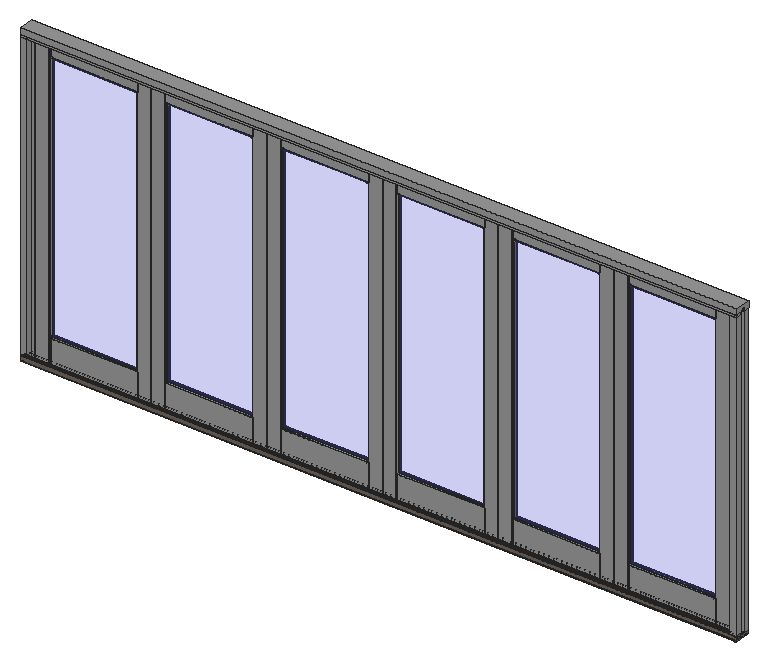
Revit family "VSFA 5040 G1", category Doors, host Wall, Revit 2015
Parameters (values of type "VSFA 5040 G1")
  Function = Interior
  Frame Projection Ext. = 25 mm
  Frame Projection Int. = 25 mm
  Frame Width = 75 mm
  Height = 2100 mm
  Wall Closure = By host
  Width = 5040 mm
Reference planes
  plane 1: y = 0
  plane 2 "Center (Left/Right)": x = 0
  plane 3 "Left": x = -2520
  plane 4 "Right": x = 2520
  plane 5: z = 2100
  plane 6 "Exterior": y = 75
  plane 7 "Interior": y = -75
  plane 8: x = -1630
  plane 9: x = -1628
  plane 10: x = -815
  plane 11: x = -813
  plane 12: x = 1630
  plane 13: x = 1628
  plane 14: x = 815
  plane 15: x = 813
Forms (mm)
  Extrusion 1, solid, material "Aluminium Cill (Bronze)"
    sketch origin (0, 79.18, -119.746) x (0, 1, 0) y (0, 0, -1)
      loop
        arc (-26.68, -120.746) -> (-26.972, -120.039) -> (-27.68, -119.746) r 1
        line (-27.68, -119.746) -> (-130.68, -119.746)
        arc (-130.68, -119.746) -> (-131.387, -120.039) -> (-131.68, -120.746) r 1
        line (-131.68, -120.746) -> (-131.68, -150.746)
        arc (-131.68, -150.746) -> (-131.387, -151.453) -> (-130.68, -151.746) r 1
        line (-130.68, -151.746) -> (-120.912, -151.746)
        arc (-120.912, -151.746) -> (-119.18, -150.746) -> (-117.447, -151.746) r 2
        line (-117.447, -151.746) -> (-112.912, -151.746)
        arc (-112.912, -151.746) -> (-111.18, -150.746) -> (-109.447, -151.746) r 2
        line (-109.447, -151.746) -> (-99.68, -151.746)
        arc (-99.68, -151.746) -> (-98.972, -151.453) -> (-98.68, -150.746) r 1
        line (-98.68, -150.746) -> (-98.68, -149.246)
        arc (-98.68, -149.246) -> (-99.18, -148.746) -> (-99.68, -149.246) r 0.5
        line (-99.68, -149.246) -> (-99.68, -150.246) -> (-100.88, -150.246) -> (-100.88, -142.734) -> (-99.68, -142.734) -> (-99.68, -143.746)
        arc (-99.68, -143.746) -> (-99.18, -144.246) -> (-98.68, -143.746) r 0.5
        line (-98.68, -143.746) -> (-98.68, -138.746) -> (-90.432, -138.746) -> (-82.18, -138.746) -> (-82.18, -135.246)
        arc (-82.18, -135.246) -> (-81.74, -134.185) -> (-80.68, -133.746) r 1.5
        line (-80.68, -133.746) -> (-75.93, -133.746) -> (-75.93, -135.746) -> (-77.363, -135.746)
        arc (-77.363, -135.746) -> (-74.68, -138.746) -> (-71.996, -135.746) r 2.7
        line (-71.996, -135.746) -> (-73.43, -135.746) -> (-73.43, -133.746) -> (-68.68, -133.746)
        arc (-68.68, -133.746) -> (-67.619, -134.185) -> (-67.18, -135.246) r 1.5
        line (-67.18, -135.246) -> (-67.18, -138.746) -> (-60.412, -138.746)
        arc (-60.412, -138.746) -> (-58.68, -137.746) -> (-56.947, -138.746) r 2
        line (-56.947, -138.746) -> (-52.412, -138.746)
        arc (-52.412, -138.746) -> (-50.68, -137.746) -> (-48.947, -138.746) r 2
        line (-48.947, -138.746) -> (-44.412, -138.746)
        arc (-44.412, -138.746) -> (-42.68, -137.746) -> (-40.947, -138.746) r 2
        line (-40.947, -138.746) -> (-29.68, -138.746)
        arc (-29.68, -138.746) -> (-27.558, -137.867) -> (-26.68, -135.746) r 3
        line (-26.68, -135.746) -> (-26.68, -120.746)
      loop
        arc (-29.68, -137.246) -> (-28.619, -136.807) -> (-28.18, -135.746) r 1.5
        line (-28.18, -135.746) -> (-28.18, -121.246) -> (-73.93, -121.246) -> (-73.93, -132.246) -> (-68.68, -132.246)
        arc (-68.68, -132.246) -> (-66.558, -133.125) -> (-65.68, -135.246) r 3
        line (-65.68, -135.246) -> (-65.68, -137.246) -> (-61.129, -137.246)
        arc (-61.129, -137.246) -> (-58.68, -136.246) -> (-56.23, -137.246) r 3.5
        line (-56.23, -137.246) -> (-53.129, -137.246)
        arc (-53.129, -137.246) -> (-50.68, -136.246) -> (-48.23, -137.246) r 3.5
        line (-48.23, -137.246) -> (-45.129, -137.246)
        arc (-45.129, -137.246) -> (-42.68, -136.246) -> (-40.23, -137.246) r 3.5
        line (-40.23, -137.246) -> (-29.68, -137.246)
      loop
        line (-75.43, -132.246) -> (-75.43, -121.246) -> (-98.68, -121.246) -> (-98.68, -137.246) -> (-83.68, -137.246) -> (-83.68, -135.246)
        arc (-83.68, -135.246) -> (-82.801, -133.125) -> (-80.68, -132.246) r 3
        line (-80.68, -132.246) -> (-75.43, -132.246)
      loop
        line (-100.18, -121.246) -> (-130.18, -121.246) -> (-130.18, -150.246) -> (-121.629, -150.246)
        arc (-121.629, -150.246) -> (-119.18, -149.246) -> (-116.73, -150.246) r 3.5
        line (-116.73, -150.246) -> (-113.629, -150.246)
        arc (-113.629, -150.246) -> (-111.18, -149.246) -> (-108.73, -150.246) r 3.5
        line (-108.73, -150.246) -> (-102.38, -150.246) -> (-102.38, -141.246) -> (-100.18, -141.246) -> (-100.18, -121.246)
    from -2520 to 2520
  Extrusion 2, solid, material "Lauan, Meranti"
    sketch origin (-122.148, 0, 0) x (0, 1, 0) y (0, 0, 1)
      loop
        line (52.5, 2100) -> (-52.5, 2100) -> (-52.5, 2055) -> (-6.5, 2055) -> (-6.5, 2075) -> (15.5, 2075) -> (15.5, 2055) -> (52.5, 2055) -> (52.5, 2100)
    from -2397.852 to 2642.148
  Extrusion 3, solid, material "Lauan, Meranti"
    sketch origin (2.986, 0, 0) x (0, 1, 0) y (0, 0, 1)
      loop
        line (-52.5, 2052) -> (-52.5, 2042) -> (-20.5, 2042) -> (-20.5, 2045.5) -> (-27.5, 2045.5) -> (-27.5, 2048.5) -> (-20.5, 2048.5) -> (-20.5, 2055) -> (-49.5, 2055) -> (-49.5, 2052) -> (-52.5, 2052)
    from -2522.986 to 2517.014
  Extrusion 4, solid, material "Steel, Chrome Plated"
    sketch origin (129.456, -1.5, 0) x (0, 1, 0) y (0, 0, -1)
      loop
        line (16.5, -2075) -> (16.5, -2055) -> (14.3, -2055) -> (14.3, -2072.8) -> (-2.3, -2072.8) -> (-2.3, -2055) -> (-4.5, -2055) -> (-4.5, -2075) -> (16.5, -2075)
    from -2390.544 to 2649.456
  Extrusion 5, solid, material "Lauan, Meranti"
    sketch origin (4059.03, 0, -20) x (1, 0, 0) y (0, 1, 0)
      loop
        line (-4071.03, 34.5) -> (-4071.03, 32.5)
        arc (-4071.03, 32.5) -> (-4076.687, 30.157) -> (-4079.03, 24.5) r 8
        line (-4079.03, 24.5) -> (-4039.03, 24.5)
        arc (-4039.03, 24.5) -> (-4041.373, 30.157) -> (-4047.03, 32.5) r 8
        line (-4047.03, 32.5) -> (-4047.03, 34.5) -> (-4071.03, 34.5)
    from 39 to 2075
  Extrusion 6, solid, material "Lauan, Meranti"
    sketch origin (615, 0, 0) x (1, 0, 0) y (0, 1, 0)
      loop
        line (1905, -52.5) -> (1905, -16.5) -> (1860, -16.5) -> (1860, -52.5) -> (1905, -52.5)
      loop
        line (1905, 52.5) -> (1860, 52.5) -> (1860, 25.5) -> (1905, 25.5) -> (1905, 52.5)
      loop
        line (1830, 24.5) -> (1830, -15.5) -> (1875, -15.5) -> (1875, -5.5) -> (1850, -5.5) -> (1850, 14.5) -> (1875, 14.5) -> (1875, 24.5) -> (1830, 24.5)
      loop
        line (-3135, -52.5) -> (-3090, -52.5) -> (-3090, -16.5) -> (-3135, -16.5) -> (-3135, -52.5)
      loop
        line (-3135, 52.5) -> (-3135, 25.5) -> (-3090, 25.5) -> (-3090, 52.5) -> (-3135, 52.5)
      loop
        line (-3060, 24.5) -> (-3105, 24.5) -> (-3105, 14.5) -> (-3080, 14.5) -> (-3080, -5.5) -> (-3105, -5.5) -> (-3105, -15.5) -> (-3060, -15.5) -> (-3060, 24.5)
    from 32 to 2055
  Extrusion 7, solid, material "Lauan, Meranti"
    sketch origin (615, 0, 0) x (1, 0, 0) y (0, 1, 0)
      loop
        line (1860, 52.5) -> (1860, 25.5) -> (1905, 25.5) -> (1905, 52.5) -> (1860, 52.5)
      loop
        line (1875, 24.5) -> (1830, 24.5) -> (1830, -15.5) -> (1875, -15.5) -> (1875, -5.5) -> (1850, -5.5) -> (1850, 14.5) -> (1875, 14.5) -> (1875, 24.5)
      loop
        line (-3090, 52.5) -> (-3135, 52.5) -> (-3135, 25.5) -> (-3090, 25.5) -> (-3090, 52.5)
      loop
        line (-3105, 24.5) -> (-3105, 14.5) -> (-3080, 14.5) -> (-3080, -5.5) -> (-3105, -5.5) -> (-3105, -15.5) -> (-3060, -15.5) -> (-3060, 24.5) -> (-3105, 24.5)
    from 19 to 32
  Extrusion 8, solid, material "Lauan, Meranti"
    sketch origin (2763, 0, 0) x (1, 0, 0) y (0, 1, 0)
      loop
        line (-1133, -15.5) -> (-1037, -15.5) -> (-1037, -13.5)
        arc (-1037, -13.5) -> (-1032.265, -11.94) -> (-1030, -7.5) r 6.549
        line (-1030, -7.5) -> (-1028, -7.5) -> (-1028, -5.5) -> (-1037, -5.5) -> (-1037, 24.5) -> (-1133, 24.5) -> (-1133, -15.5)
      loop
        line (-320, -15.5) -> (-320, 24.5) -> (-416, 24.5) -> (-416, -5.5) -> (-425, -5.5) -> (-425, -7.5) -> (-423, -7.5)
        arc (-423, -7.5) -> (-420.735, -11.94) -> (-416, -13.5) r 6.549
        line (-416, -13.5) -> (-416, -15.5) -> (-320, -15.5)
    from 19 to 2055
  Extrusion 9, solid, material "Lauan, Meranti"
    sketch origin (2098.235, 0, 0) x (0, 1, 0) y (0, 0, 1)
      loop
        line (-15.5, 190) -> (-15.5, 19) -> (24.5, 19) -> (24.5, 190) -> (-5.5, 190) -> (-5.5, 199) -> (-7.5, 199) -> (-7.5, 197)
        arc (-7.5, 197) -> (-11.866, 194.67) -> (-13.5, 190) r 6.807
        line (-13.5, 190) -> (-15.5, 190)
      loop
        line (-7.5, 1952) -> (-7.5, 1950) -> (-5.5, 1950) -> (-5.5, 1959) -> (24.5, 1959) -> (24.5, 2055) -> (-15.5, 2055) -> (-15.5, 1959) -> (-13.5, 1959)
        arc (-13.5, 1959) -> (-11.866, 1954.33) -> (-7.5, 1952) r 6.807
    from -372.235 to 248.765
  Sweep 10, solid, material "Lauan, Meranti"
    path origin (1805.876, -75, -1252.272) x (1, 0, 0) y (0, 0, 1)
      loop
        line (-79.876, 3211.272) -> (-79.876, 1442.272) -> (541.124, 1442.272) -> (541.124, 3211.272) -> (-79.876, 3211.272)
    profile origin (2036.5, -75, 1959) x (0, 0, 1) y (0, -1, 0)
      loop
        line (-9, -78) -> (-9, -80) -> (-7, -80)
        arc (-7, -80) -> (-4.67, -84.366) -> (0, -86) r 6.807
        line (0, -86) -> (0, -78) -> (-9, -78)
  Extrusion 11, solid, material "Glass"
    sketch origin (2074.808, -110.55, -763.769) x (1, 0, 0) y (0, 0, 1)
      loop
        line (-348.808, 2722.769) -> (-348.808, 953.769) -> (272.192, 953.769) -> (272.192, 2722.769) -> (-348.808, 2722.769)
    from -112.5 to -106.1
  Extrusion 12, solid, material "Lauan, Meranti"
    sketch origin (1948, 0, 0) x (1, 0, 0) y (0, 1, 0)
      loop
        line (-1133, -15.5) -> (-1037, -15.5) -> (-1037, -13.5)
        arc (-1037, -13.5) -> (-1032.265, -11.94) -> (-1030, -7.5) r 6.549
        line (-1030, -7.5) -> (-1028, -7.5) -> (-1028, -5.5) -> (-1037, -5.5) -> (-1037, 24.5) -> (-1133, 24.5) -> (-1133, -15.5)
      loop
        line (-320, -15.5) -> (-320, 24.5) -> (-416, 24.5) -> (-416, -5.5) -> (-425, -5.5) -> (-425, -7.5) -> (-423, -7.5)
        arc (-423, -7.5) -> (-420.735, -11.94) -> (-416, -13.5) r 6.549
        line (-416, -13.5) -> (-416, -15.5) -> (-320, -15.5)
    from 19 to 2055
  Extrusion 13, solid, material "Lauan, Meranti"
    sketch origin (1283.235, 0, 0) x (0, 1, 0) y (0, 0, 1)
      loop
        line (-15.5, 190) -> (-15.5, 19) -> (24.5, 19) -> (24.5, 190) -> (-5.5, 190) -> (-5.5, 199) -> (-7.5, 199) -> (-7.5, 197)
        arc (-7.5, 197) -> (-11.866, 194.67) -> (-13.5, 190) r 6.807
        line (-13.5, 190) -> (-15.5, 190)
      loop
        line (-7.5, 1952) -> (-7.5, 1950) -> (-5.5, 1950) -> (-5.5, 1959) -> (24.5, 1959) -> (24.5, 2055) -> (-15.5, 2055) -> (-15.5, 1959) -> (-13.5, 1959)
        arc (-13.5, 1959) -> (-11.866, 1954.33) -> (-7.5, 1952) r 6.807
    from -372.235 to 248.765
  Sweep 14, solid, material "Lauan, Meranti"
    path origin (990.876, -75, -1252.272) x (1, 0, 0) y (0, 0, 1)
      loop
        line (-79.876, 3211.272) -> (-79.876, 1442.272) -> (541.124, 1442.272) -> (541.124, 3211.272) -> (-79.876, 3211.272)
    profile origin (1221.5, -75, 1959) x (0, 0, 1) y (0, -1, 0)
      loop
        line (-9, -78) -> (-9, -80) -> (-7, -80)
        arc (-7, -80) -> (-4.67, -84.366) -> (0, -86) r 6.807
        line (0, -86) -> (0, -78) -> (-9, -78)
  Extrusion 15, solid, material "Glass"
    sketch origin (1259.808, -110.55, -763.769) x (1, 0, 0) y (0, 0, 1)
      loop
        line (-348.808, 2722.769) -> (-348.808, 953.769) -> (272.192, 953.769) -> (272.192, 2722.769) -> (-348.808, 2722.769)
    from -112.5 to -106.1
  Extrusion 16, solid, material "Lauan, Meranti"
    sketch origin (1133, 0, 0) x (1, 0, 0) y (0, 1, 0)
      loop
        line (-1133, -15.5) -> (-1037, -15.5) -> (-1037, -13.5)
        arc (-1037, -13.5) -> (-1032.265, -11.94) -> (-1030, -7.5) r 6.549
        line (-1030, -7.5) -> (-1028, -7.5) -> (-1028, -5.5) -> (-1037, -5.5) -> (-1037, 24.5) -> (-1133, 24.5) -> (-1133, -15.5)
      loop
        line (-320, -15.5) -> (-320, 24.5) -> (-416, 24.5) -> (-416, -5.5) -> (-425, -5.5) -> (-425, -7.5) -> (-423, -7.5)
        arc (-423, -7.5) -> (-420.735, -11.94) -> (-416, -13.5) r 6.549
        line (-416, -13.5) -> (-416, -15.5) -> (-320, -15.5)
    from 19 to 2055
  Extrusion 17, solid, material "Lauan, Meranti"
    sketch origin (468.235, 0, 0) x (0, 1, 0) y (0, 0, 1)
      loop
        line (-15.5, 190) -> (-15.5, 19) -> (24.5, 19) -> (24.5, 190) -> (-5.5, 190) -> (-5.5, 199) -> (-7.5, 199) -> (-7.5, 197)
        arc (-7.5, 197) -> (-11.866, 194.67) -> (-13.5, 190) r 6.807
        line (-13.5, 190) -> (-15.5, 190)
      loop
        line (-7.5, 1952) -> (-7.5, 1950) -> (-5.5, 1950) -> (-5.5, 1959) -> (24.5, 1959) -> (24.5, 2055) -> (-15.5, 2055) -> (-15.5, 1959) -> (-13.5, 1959)
        arc (-13.5, 1959) -> (-11.866, 1954.33) -> (-7.5, 1952) r 6.807
    from -372.235 to 248.765
  Sweep 18, solid, material "Lauan, Meranti"
    path origin (175.876, -75, -1252.272) x (1, 0, 0) y (0, 0, 1)
      loop
        line (-79.876, 3211.272) -> (-79.876, 1442.272) -> (541.124, 1442.272) -> (541.124, 3211.272) -> (-79.876, 3211.272)
    profile origin (406.5, -75, 1959) x (0, 0, 1) y (0, -1, 0)
      loop
        line (-9, -78) -> (-9, -80) -> (-7, -80)
        arc (-7, -80) -> (-4.67, -84.366) -> (0, -86) r 6.807
        line (0, -86) -> (0, -78) -> (-9, -78)
  Extrusion 19, solid, material "Glass"
    sketch origin (444.808, -110.55, -763.769) x (1, 0, 0) y (0, 0, 1)
      loop
        line (-348.808, 2722.769) -> (-348.808, 953.769) -> (272.192, 953.769) -> (272.192, 2722.769) -> (-348.808, 2722.769)
    from -112.5 to -106.1
  Extrusion 20, solid, material "Lauan, Meranti"
    sketch origin (-2763, 0, 0) x (-1, 0, 0) y (0, -1, 0)
      loop
        line (-1133, 15.5) -> (-1133, -24.5) -> (-1037, -24.5) -> (-1037, 5.5) -> (-1028, 5.5) -> (-1028, 7.5) -> (-1030, 7.5)
        arc (-1030, 7.5) -> (-1032.265, 11.94) -> (-1037, 13.5) r 6.549
        line (-1037, 13.5) -> (-1037, 15.5) -> (-1133, 15.5)
      loop
        line (-320, 15.5) -> (-416, 15.5) -> (-416, 13.5)
        arc (-416, 13.5) -> (-420.735, 11.94) -> (-423, 7.5) r 6.549
        line (-423, 7.5) -> (-425, 7.5) -> (-425, 5.5) -> (-416, 5.5) -> (-416, -24.5) -> (-320, -24.5) -> (-320, 15.5)
    from 19 to 2055
  Extrusion 21, solid, material "Lauan, Meranti"
    sketch origin (-2098.235, 0, 0) x (0, 1, 0) y (0, 0, -1)
      loop
        line (-15.5, -190) -> (-13.5, -190)
        arc (-13.5, -190) -> (-11.866, -194.67) -> (-7.5, -197) r 6.807
        line (-7.5, -197) -> (-7.5, -199) -> (-5.5, -199) -> (-5.5, -190) -> (24.5, -190) -> (24.5, -19) -> (-15.5, -19) -> (-15.5, -190)
      loop
        arc (-7.5, -1952) -> (-11.866, -1954.33) -> (-13.5, -1959) r 6.807
        line (-13.5, -1959) -> (-15.5, -1959) -> (-15.5, -2055) -> (24.5, -2055) -> (24.5, -1959) -> (-5.5, -1959) -> (-5.5, -1950) -> (-7.5, -1950) -> (-7.5, -1952)
    from -372.235 to 248.765
  Sweep 22, solid, material "Lauan, Meranti"
    path origin (-1805.876, -75, -1252.272) x (-1, 0, 0) y (0, 0, -1)
      loop
        line (-79.876, -3211.272) -> (541.124, -3211.272) -> (541.124, -1442.272) -> (-79.876, -1442.272) -> (-79.876, -3211.272)
    profile origin (-2036.5, -75, 1959) x (0, 0, -1) y (0, -1, 0)
      loop
        line (9, -78) -> (0, -78) -> (0, -86)
        arc (0, -86) -> (4.67, -84.366) -> (7, -80) r 6.807
        line (7, -80) -> (9, -80) -> (9, -78)
  Extrusion 23, solid, material "Glass"
    sketch origin (-2074.808, -110.55, -763.769) x (-1, 0, 0) y (0, 0, -1)
      loop
        line (-348.808, -2722.769) -> (272.192, -2722.769) -> (272.192, -953.769) -> (-348.808, -953.769) -> (-348.808, -2722.769)
    from -112.5 to -106.1
  Extrusion 24, solid, material "Lauan, Meranti"
    sketch origin (-1948, 0, 0) x (-1, 0, 0) y (0, -1, 0)
      loop
        line (-1133, 15.5) -> (-1133, -24.5) -> (-1037, -24.5) -> (-1037, 5.5) -> (-1028, 5.5) -> (-1028, 7.5) -> (-1030, 7.5)
        arc (-1030, 7.5) -> (-1032.265, 11.94) -> (-1037, 13.5) r 6.549
        line (-1037, 13.5) -> (-1037, 15.5) -> (-1133, 15.5)
      loop
        line (-320, 15.5) -> (-416, 15.5) -> (-416, 13.5)
        arc (-416, 13.5) -> (-420.735, 11.94) -> (-423, 7.5) r 6.549
        line (-423, 7.5) -> (-425, 7.5) -> (-425, 5.5) -> (-416, 5.5) -> (-416, -24.5) -> (-320, -24.5) -> (-320, 15.5)
    from 19 to 2055
  Extrusion 25, solid, material "Lauan, Meranti"
    sketch origin (-1283.235, 0, 0) x (0, 1, 0) y (0, 0, -1)
      loop
        line (-15.5, -190) -> (-13.5, -190)
        arc (-13.5, -190) -> (-11.866, -194.67) -> (-7.5, -197) r 6.807
        line (-7.5, -197) -> (-7.5, -199) -> (-5.5, -199) -> (-5.5, -190) -> (24.5, -190) -> (24.5, -19) -> (-15.5, -19) -> (-15.5, -190)
      loop
        arc (-7.5, -1952) -> (-11.866, -1954.33) -> (-13.5, -1959) r 6.807
        line (-13.5, -1959) -> (-15.5, -1959) -> (-15.5, -2055) -> (24.5, -2055) -> (24.5, -1959) -> (-5.5, -1959) -> (-5.5, -1950) -> (-7.5, -1950) -> (-7.5, -1952)
    from -372.235 to 248.765
  Sweep 26, solid, material "Lauan, Meranti"
    path origin (-990.876, -75, -1252.272) x (-1, 0, 0) y (0, 0, -1)
      loop
        line (-79.876, -3211.272) -> (541.124, -3211.272) -> (541.124, -1442.272) -> (-79.876, -1442.272) -> (-79.876, -3211.272)
    profile origin (-1221.5, -75, 1959) x (0, 0, -1) y (0, -1, 0)
      loop
        line (9, -78) -> (0, -78) -> (0, -86)
        arc (0, -86) -> (4.67, -84.366) -> (7, -80) r 6.807
        line (7, -80) -> (9, -80) -> (9, -78)
  Extrusion 27, solid, material "Glass"
    sketch origin (-1259.808, -110.55, -763.769) x (-1, 0, 0) y (0, 0, -1)
      loop
        line (-348.808, -2722.769) -> (272.192, -2722.769) -> (272.192, -953.769) -> (-348.808, -953.769) -> (-348.808, -2722.769)
    from -112.5 to -106.1
  Extrusion 28, solid, material "Lauan, Meranti"
    sketch origin (-1133, 0, 0) x (-1, 0, 0) y (0, -1, 0)
      loop
        line (-1133, 15.5) -> (-1133, -24.5) -> (-1037, -24.5) -> (-1037, 5.5) -> (-1028, 5.5) -> (-1028, 7.5) -> (-1030, 7.5)
        arc (-1030, 7.5) -> (-1032.265, 11.94) -> (-1037, 13.5) r 6.549
        line (-1037, 13.5) -> (-1037, 15.5) -> (-1133, 15.5)
      loop
        line (-320, 15.5) -> (-416, 15.5) -> (-416, 13.5)
        arc (-416, 13.5) -> (-420.735, 11.94) -> (-423, 7.5) r 6.549
        line (-423, 7.5) -> (-425, 7.5) -> (-425, 5.5) -> (-416, 5.5) -> (-416, -24.5) -> (-320, -24.5) -> (-320, 15.5)
    from 19 to 2055
  Extrusion 29, solid, material "Lauan, Meranti"
    sketch origin (-468.235, 0, 0) x (0, 1, 0) y (0, 0, -1)
      loop
        line (-15.5, -190) -> (-13.5, -190)
        arc (-13.5, -190) -> (-11.866, -194.67) -> (-7.5, -197) r 6.807
        line (-7.5, -197) -> (-7.5, -199) -> (-5.5, -199) -> (-5.5, -190) -> (24.5, -190) -> (24.5, -19) -> (-15.5, -19) -> (-15.5, -190)
      loop
        arc (-7.5, -1952) -> (-11.866, -1954.33) -> (-13.5, -1959) r 6.807
        line (-13.5, -1959) -> (-15.5, -1959) -> (-15.5, -2055) -> (24.5, -2055) -> (24.5, -1959) -> (-5.5, -1959) -> (-5.5, -1950) -> (-7.5, -1950) -> (-7.5, -1952)
    from -372.235 to 248.765
  Sweep 30, solid, material "Lauan, Meranti"
    path origin (-175.876, -75, -1252.272) x (-1, 0, 0) y (0, 0, -1)
      loop
        line (-79.876, -3211.272) -> (541.124, -3211.272) -> (541.124, -1442.272) -> (-79.876, -1442.272) -> (-79.876, -3211.272)
    profile origin (-406.5, -75, 1959) x (0, 0, -1) y (0, -1, 0)
      loop
        line (9, -78) -> (0, -78) -> (0, -86)
        arc (0, -86) -> (4.67, -84.366) -> (7, -80) r 6.807
        line (7, -80) -> (9, -80) -> (9, -78)
  Extrusion 31, solid, material "Glass"
    sketch origin (-444.808, -110.55, -763.769) x (-1, 0, 0) y (0, 0, -1)
      loop
        line (-348.808, -2722.769) -> (272.192, -2722.769) -> (272.192, -953.769) -> (-348.808, -953.769) -> (-348.808, -2722.769)
    from -112.5 to -106.1
Cuts and joins
  joined: Extrusion 6, Extrusion 7
Lines and regions (mm)
  Opening 1
    outline origin (-5000, 75, 0) x (-1, 0, 0) y (0, 0, 1)
      loop
        line (-7520, 0) -> (-2480, 0) -> (-2480, 2100) -> (-7520, 2100) -> (-7520, 0)
  model lines
    curve 1: line (1873.802, 99.5, 1050) -> (2048.802, 99.5, 1050)
    curve 2: line (2187.879, 99.5, 1050) -> (2048.802, 99.5, 1106.191)
    curve 3: line (2048.802, 99.5, 1106.191) -> (2048.802, 99.5, 993.809)
    curve 4: line (2187.879, 99.5, 1050) -> (2048.802, 99.5, 993.809)
    curve 5: line (1058.802, 99.5, 1050) -> (1233.802, 99.5, 1050)
    curve 6: line (1372.879, 99.5, 1050) -> (1233.802, 99.5, 1106.191)
    curve 7: line (1233.802, 99.5, 1106.191) -> (1233.802, 99.5, 993.809)
    curve 8: line (1372.879, 99.5, 1050) -> (1233.802, 99.5, 993.809)
    curve 9: line (243.802, 99.5, 1050) -> (418.802, 99.5, 1050)
    curve 10: line (557.879, 99.5, 1050) -> (418.802, 99.5, 1106.191)
    curve 11: line (418.802, 99.5, 1106.191) -> (418.802, 99.5, 993.809)
    curve 12: line (557.879, 99.5, 1050) -> (418.802, 99.5, 993.809)
    curve 13: line (-1873.802, 99.5, 1050) -> (-2048.802, 99.5, 1050)
    curve 14: line (-2187.879, 99.5, 1050) -> (-2048.802, 99.5, 1106.191)
    curve 15: line (-2048.802, 99.5, 1106.191) -> (-2048.802, 99.5, 993.809)
    curve 16: line (-2187.879, 99.5, 1050) -> (-2048.802, 99.5, 993.809)
    curve 17: line (-1058.802, 99.5, 1050) -> (-1233.802, 99.5, 1050)
    curve 18: line (-1372.879, 99.5, 1050) -> (-1233.802, 99.5, 1106.191)
    curve 19: line (-1233.802, 99.5, 1106.191) -> (-1233.802, 99.5, 993.809)
    curve 20: line (-1372.879, 99.5, 1050) -> (-1233.802, 99.5, 993.809)
    curve 21: line (-243.802, 99.5, 1050) -> (-418.802, 99.5, 1050)
    curve 22: line (-557.879, 99.5, 1050) -> (-418.802, 99.5, 1106.191)
    curve 23: line (-418.802, 99.5, 1106.191) -> (-418.802, 99.5, 993.809)
    curve 24: line (-557.879, 99.5, 1050) -> (-418.802, 99.5, 993.809)
    curve 25: line (2443, 24.5, 0) -> (2036.5, 728.579, 0)
    curve 26: line (2036.5, 728.579, 0) -> (2001.859, 708.579, 0)
    curve 27: line (2001.859, 708.579, 0) -> (2408.359, 4.5, 0)
    curve 28: line (1560.718, 24.5, 0) -> (1967.218, 728.579, 0)
    curve 29: line (1967.218, 728.579, 0) -> (2001.859, 708.579, 0)
    curve 30: line (2001.859, 708.579, 0) -> (1595.359, 4.5, 0)
    curve 31: line (1560.718, 24.5, 0) -> (1154.218, 728.579, 0)
    curve 32: line (1154.218, 728.579, 0) -> (1119.577, 708.579, 0)
    curve 33: line (1526.077, 4.5, 0) -> (1119.577, 708.579, 0)
    curve 34: line (-2443, 24.5, 0) -> (-2036.5, 728.579, 0)
    curve 35: line (-2036.5, 728.579, 0) -> (-2001.859, 708.579, 0)
    curve 36: line (-2001.859, 708.579, 0) -> (-2408.359, 4.5, 0)
    curve 37: line (-1560.718, 24.5, 0) -> (-1967.218, 728.579, 0)
    curve 38: line (-1967.218, 728.579, 0) -> (-2001.859, 708.579, 0)
    curve 39: line (-2001.859, 708.579, 0) -> (-1595.359, 4.5, 0)
    curve 40: line (-1560.718, 24.5, 0) -> (-1154.218, 728.579, 0)
    curve 41: line (-1154.218, 728.579, 0) -> (-1119.577, 708.579, 0)
    curve 42: line (-1526.077, 4.5, 0) -> (-1119.577, 708.579, 0)
Text (mm)
  text "Exterior" at (-2295.016, 1099.543, 0), in view "Ref. Level"
  text "Exterior" at (0, 1615.38, 3698.081), in view "Left"
  text "Exterior" at (0, 1036.032, 3874.932), in view "Right"
Dimensions and locks
  equal spacing: plane 3 "Left", plane 2 "Center (Left/Right)", plane 4 "Right"
  "Width": plane 3 "Left" to plane 4 "Right"
  "Height": plane 5 to host wall
  host wall to plane 5 = 2100 mm  (x2)
  locked: plane 6 "Exterior" to host wall at 0
  locked: plane 7 "Interior" to host wall
  plane 3 "Left" to plane 4 "Right" = 5040 mm
  aligned and locked: host wall to plane 1
  aligned and locked: Opening 1 sketch curve to level
  aligned and locked: Extrusion 9 to Extrusion 8
  aligned and locked: Extrusion 11 to Extrusion 9  (x2)
  aligned and locked: Extrusion 11 to Extrusion 8
  aligned and locked: Sweep 10 sketch curve to Extrusion 9  (x2)
  aligned and locked: Extrusion 8 to Sweep 10 sketch curve
  aligned and locked: Extrusion 13 to Extrusion 12
  aligned and locked: Extrusion 15 to Extrusion 13  (x2)
  aligned and locked: Extrusion 15 to Extrusion 12
  aligned and locked: Sweep 14 sketch curve to Extrusion 13  (x2)
  aligned and locked: Extrusion 12 to Sweep 14 sketch curve
  aligned and locked: Extrusion 17 to Extrusion 16
  aligned and locked: Extrusion 19 to Extrusion 17  (x2)
  aligned and locked: Extrusion 19 to Extrusion 16
  aligned and locked: Sweep 18 sketch curve to Extrusion 17  (x2)
  aligned and locked: Extrusion 16 to Sweep 18 sketch curve
  aligned and locked: Extrusion 20 to Extrusion 21
  aligned and locked: Extrusion 21 to Extrusion 23  (x2)
  aligned and locked: Extrusion 20 to Extrusion 23
  aligned and locked: Sweep 22 sketch curve to Extrusion 21  (x2)
  aligned and locked: Extrusion 20 to Sweep 22 sketch curve
  aligned and locked: Extrusion 24 to Extrusion 25
  aligned and locked: Extrusion 25 to Extrusion 27  (x2)
  aligned and locked: Extrusion 24 to Extrusion 27
  aligned and locked: Sweep 26 sketch curve to Extrusion 25  (x2)
  aligned and locked: Extrusion 24 to Sweep 26 sketch curve
  aligned and locked: Extrusion 28 to Extrusion 29
  aligned and locked: Extrusion 29 to Extrusion 31  (x2)
  aligned and locked: Extrusion 28 to Extrusion 31
  aligned and locked: Sweep 30 sketch curve to Extrusion 29  (x2)
  aligned and locked: Extrusion 28 to Sweep 30 sketch curve
Automatic sketch dimensions
  curve 14 to plane 3 "Left" = 332.121 mm
  curve 14 to curve 15 = 139.078 mm
  plane 9 to curve 18 = 255.121 mm
  curve 18 to curve 20 = 139.078 mm
  plane 11 to curve 24 = 255.121 mm
  curve 22 to curve 23 = 139.078 mm
  plane 15 to curve 11 = 394.198 mm
  curve 9 to curve 12 = 139.078 mm
  plane 13 to curve 7 = 394.198 mm
  curve 5 to curve 8 = 139.078 mm
  curve 3 to plane 12 = 418.802 mm
  curve 1 to curve 2 = 139.078 mm
  level to curve 24 = 993.809 mm
  level to curve 15 = 993.809 mm
  curve 19 to curve 23 = 0 mm
  curve 12 to curve 23 = 0 mm
  level to curve 3 = 993.809 mm
  curve 8 to curve 11 = 0 mm
  curve 23 to curve 22 = 56.191 mm
  curve 7 to curve 8 = 56.191 mm
  curve 11 to curve 10 = 56.191 mm
  curve 3 to curve 4 = 56.191 mm
  curve 15 to curve 14 = 56.191 mm
  curve 19 to curve 20 = 56.191 mm
  curve 19 to curve 19 = 112.382 mm
  curve 15 to curve 15 = 112.382 mm
  curve 11 to curve 11 = 112.382 mm
  curve 7 to curve 7 = 112.382 mm
  curve 23 to curve 22 = 112.382 mm
  curve 3 to curve 3 = 112.382 mm
  curve 13 to curve 13 = 175 mm
  curve 17 to curve 17 = 175 mm
  curve 21 to curve 21 = 175 mm
  curve 9 to curve 9 = 175 mm
  curve 5 to curve 5 = 175 mm
  curve 1 to curve 1 = 175 mm
  curve 21 to curve 22 = 56.191 mm
  curve 5 to curve 6 = 56.191 mm
  curve 9 to curve 10 = 56.191 mm
  curve 13 to curve 14 = 56.191 mm
  curve 1 to curve 2 = 56.191 mm
  curve 17 to curve 18 = 56.191 mm
  plane 4 "Right" to Opening 1 sketch curve = 0 mm
  plane 3 "Left" to Opening 1 sketch curve = 0 mm
  Opening 1 sketch curve to plane 5 = 0 mm
  Extrusion 1 sketch curve to level = 0 mm
  level to Extrusion 1 sketch curve = 1 mm
  Extrusion 1 sketch curve to host wall = 22.5 mm
  Extrusion 1 sketch curve to Extrusion 1 sketch curve = 1 mm  (x7)
  Extrusion 1 sketch curve to Extrusion 1 sketch curve = 0.5 mm  (x8)
  Extrusion 1 sketch curve to Extrusion 1 sketch curve = 8.551 mm
  Extrusion 1 sketch curve to Extrusion 1 sketch curve = 0.717 mm  (x10)
  Extrusion 1 sketch curve to Extrusion 1 sketch curve = 1.732 mm  (x10)
  Extrusion 1 sketch curve to Extrusion 1 sketch curve = 0 mm  (x24)
  Extrusion 1 sketch curve to Extrusion 1 sketch curve = 3.101 mm  (x3)
  Extrusion 1 sketch curve to Extrusion 1 sketch curve = 6.351 mm
  Extrusion 1 sketch curve to Extrusion 1 sketch curve = 1.5 mm  (x15)
  Extrusion 1 sketch curve to Extrusion 1 sketch curve = 0.7 mm
  level to Extrusion 1 sketch curve = 1.5 mm  (x3)
  Extrusion 1 sketch curve to Extrusion 1 sketch curve = 1.2 mm  (x2)
  Extrusion 1 sketch curve to Extrusion 1 sketch curve = 8.248 mm
  host wall to Extrusion 1 sketch curve = 4.5 mm
  host wall to Extrusion 1 sketch curve = 1.5 mm  (x2)
  Extrusion 1 sketch curve to host wall = 1.817 mm
  Extrusion 1 sketch curve to Extrusion 1 sketch curve = 1.433 mm  (x3)
  Extrusion 1 sketch curve to host wall = 3.75 mm
  Extrusion 1 sketch curve to Extrusion 1 sketch curve = 1.25 mm  (x2)
  Extrusion 1 sketch curve to Extrusion 1 sketch curve = 3.317 mm
  Extrusion 1 sketch curve to Extrusion 1 sketch curve = 4.551 mm
  Extrusion 1 sketch curve to Extrusion 1 sketch curve = 10.551 mm
  Extrusion 1 sketch curve to Extrusion 1 sketch curve = 11 mm
  Extrusion 1 sketch curve to Extrusion 1 sketch curve = 14.5 mm
  Extrusion 1 sketch curve to Extrusion 1 sketch curve = 2 mm  (x5)
  Extrusion 1 sketch curve to Extrusion 1 sketch curve = 0.3 mm
  Extrusion 1 sketch curve to Extrusion 1 sketch curve = 2.5 mm
  Extrusion 1 sketch curve to Extrusion 1 sketch curve = 1.488 mm
  Extrusion 1 sketch curve to Extrusion 1 sketch curve = 1.012 mm
  Extrusion 1 sketch curve to Extrusion 1 sketch curve = 5.5 mm
  Extrusion 1 sketch curve to Extrusion 1 sketch curve = 9 mm
  curve 35 to plane 8 = 406.5 mm
  curve 35 to curve 35 = 34.641 mm
  curve 35 to curve 37 = 34.641 mm
  curve 40 to host wall = 24.5 mm
  plane 9 to curve 40 = 67.282 mm
  curve 40 to plane 10 = 339.218 mm
  curve 40 to curve 41 = 34.641 mm
  curve 32 to plane 14 = 304.577 mm
  curve 32 to curve 32 = 34.641 mm
  curve 28 to host wall = 24.5 mm
  plane 13 to curve 28 = 67.282 mm
  curve 28 to plane 12 = 337.218 mm
  curve 28 to curve 30 = 34.641 mm
  curve 26 to curve 26 = 34.641 mm
  host wall to curve 30 = 633.579 mm
  host wall to curve 41 = 633.579 mm
  host wall to curve 32 = 633.579 mm
  host wall to curve 39 = 633.579 mm
  curve 35 to curve 35 = 20 mm
  curve 26 to curve 26 = 20 mm
  curve 36 to host wall = 4.5 mm
  curve 34 to host wall = 24.5 mm
  curve 39 to host wall = 4.5 mm
  curve 42 to host wall = 4.5 mm
  curve 33 to host wall = 4.5 mm
  curve 30 to host wall = 4.5 mm
  curve 27 to host wall = 4.5 mm
  curve 25 to host wall = 24.5 mm
  plane 5 to Extrusion 2 sketch curve = 0 mm
  Extrusion 2 sketch curve to host wall = 22.5 mm  (x2)
  host wall to Extrusion 2 sketch curve = 6.5 mm
  Extrusion 2 sketch curve to host wall = 15.5 mm
  plane 5 to Extrusion 2 sketch curve = 25 mm
  Extrusion 2 sketch curve to Extrusion 2 sketch curve = 20 mm  (x2)
  Extrusion 3 sketch curve to host wall = 22.5 mm
  Extrusion 3 sketch curve to Extrusion 3 sketch curve = 3 mm  (x2)
  Extrusion 3 sketch curve to Extrusion 3 sketch curve = 22 mm
  Extrusion 3 sketch curve to Extrusion 3 sketch curve = 7 mm
  Extrusion 3 sketch curve to Extrusion 3 sketch curve = 0 mm
  plane 5 to Extrusion 3 sketch curve = 58 mm
  Extrusion 3 sketch curve to Extrusion 3 sketch curve = 3.5 mm
  Extrusion 3 sketch curve to Extrusion 3 sketch curve = 10 mm
  Extrusion 3 sketch curve to Extrusion 3 sketch curve = 6.5 mm
  host wall to Extrusion 4 sketch curve = 6 mm
  Extrusion 4 sketch curve to Extrusion 4 sketch curve = 2.2 mm  (x3)
  Extrusion 4 sketch curve to host wall = 12.8 mm
  plane 5 to Extrusion 4 sketch curve = 25 mm
  Extrusion 4 sketch curve to Extrusion 4 sketch curve = 17.8 mm  (x2)
  Extrusion 5 sketch curve to plane 2 "Center (Left/Right)" = 20 mm
  Extrusion 5 sketch curve to Extrusion 5 sketch curve = 8 mm  (x2)
  plane 2 "Center (Left/Right)" to Extrusion 5 sketch curve = 12 mm
  Extrusion 5 sketch curve to host wall = 24.5 mm
  Extrusion 5 sketch curve to Extrusion 5 sketch curve = 2 mm
  Extrusion 6 sketch curve to plane 3 "Left" = 0 mm  (x2)
  Extrusion 6 sketch curve to plane 4 "Right" = 0 mm  (x2)
  Extrusion 6 sketch curve to plane 3 "Left" = 30 mm
  Extrusion 6 sketch curve to Extrusion 6 sketch curve = 0 mm
  Extrusion 6 sketch curve to Extrusion 6 sketch curve = 15 mm  (x4)
  host wall to Extrusion 6 sketch curve = 5.5 mm  (x2)
  Extrusion 6 sketch curve to Extrusion 6 sketch curve = 10 mm  (x6)
  Extrusion 6 sketch curve to Extrusion 6 sketch curve = 20 mm  (x2)
  Extrusion 6 sketch curve to host wall = 24.5 mm
  plane 4 "Right" to Extrusion 6 sketch curve = 75 mm
  host wall to Extrusion 6 sketch curve = 16.5 mm
  Extrusion 6 sketch curve to Extrusion 6 sketch curve = 11 mm  (x2)
  Extrusion 6 sketch curve to host wall = 22.5 mm  (x4)
  Extrusion 6 sketch curve to host wall = 14.5 mm  (x2)
  Extrusion 6 sketch curve to host wall = 25.5 mm
  Extrusion 7 sketch curve to plane 3 "Left" = 0 mm
  Extrusion 7 sketch curve to plane 4 "Right" = 0 mm
  Extrusion 7 sketch curve to host wall = 14.5 mm  (x2)
  Extrusion 7 sketch curve to plane 3 "Left" = 30 mm  (x2)
  Extrusion 7 sketch curve to Extrusion 7 sketch curve = 15 mm  (x2)
  host wall to Extrusion 7 sketch curve = 5.5 mm  (x2)
  Extrusion 7 sketch curve to Extrusion 7 sketch curve = 25 mm
  Extrusion 7 sketch curve to Extrusion 7 sketch curve = 20 mm  (x2)
  Extrusion 7 sketch curve to host wall = 24.5 mm
  plane 4 "Right" to Extrusion 7 sketch curve = 75 mm
  Extrusion 7 sketch curve to Extrusion 7 sketch curve = 10 mm  (x4)
  Extrusion 7 sketch curve to Extrusion 7 sketch curve = 0 mm
  Extrusion 7 sketch curve to host wall = 25.5 mm
  Extrusion 7 sketch curve to Extrusion 7 sketch curve = 11 mm
  Extrusion 7 sketch curve to host wall = 22.5 mm  (x2)
  Extrusion 8 sketch curve to plane 12 = 0 mm
  host wall to Extrusion 8 sketch curve = 13.5 mm
  Extrusion 8 sketch curve to plane 12 = 96 mm
  Extrusion 8 sketch curve to Extrusion 8 sketch curve = 0 mm
  Extrusion 8 sketch curve to Extrusion 8 sketch curve = 0.473 mm  (x3)
  Extrusion 8 sketch curve to Extrusion 8 sketch curve = 6.527 mm  (x2)
  Extrusion 8 sketch curve to Extrusion 8 sketch curve = 2 mm  (x4)
  host wall to Extrusion 8 sketch curve = 5.5 mm
  plane 4 "Right" to Extrusion 8 sketch curve = 182 mm
  Extrusion 8 sketch curve to host wall = 24.5 mm  (x2)
  plane 4 "Right" to Extrusion 8 sketch curve = 77 mm
  host wall to Extrusion 8 sketch curve = 15.5 mm  (x2)
  host wall to Extrusion 8 sketch curve = 7.5 mm
  Extrusion 8 sketch curve to Extrusion 8 sketch curve = 1.468 mm
  host wall to Extrusion 9 sketch curve = 15.5 mm  (x2)
  Extrusion 9 sketch curve to Extrusion 9 sketch curve = 2 mm  (x6)
  host wall to Extrusion 9 sketch curve = 7.5 mm  (x2)
  host wall to Extrusion 9 sketch curve = 6.697 mm  (x2)
  Extrusion 9 sketch curve to host wall = 24.5 mm  (x2)
  level to Extrusion 9 sketch curve = 19 mm
  Extrusion 9 sketch curve to Extrusion 9 sketch curve = 171 mm
  Extrusion 9 sketch curve to Extrusion 9 sketch curve = 0 mm
  Extrusion 9 sketch curve to Extrusion 9 sketch curve = 0.241 mm  (x2)
  plane 5 to Extrusion 9 sketch curve = 150 mm
  Extrusion 9 sketch curve to Extrusion 9 sketch curve = 6.759 mm
  plane 5 to Extrusion 9 sketch curve = 45 mm
  Sweep 10 sketch curve to plane 12 = 96 mm
  profile plane to Sweep 10 sketch curve = 0 mm
  profile plane to Sweep 10 sketch curve = 0.241 mm
  Sweep 10 sketch curve to Sweep 10 sketch curve = 6.759 mm
  Sweep 10 sketch curve to Sweep 10 sketch curve = 2 mm  (x2)
  Sweep 10 sketch curve to profile plane = 86 mm
  Sweep 10 sketch curve to Sweep 10 sketch curve = 6 mm
  Extrusion 11 sketch curve to plane 12 = 96 mm
  plane 4 "Right" to Extrusion 11 sketch curve = 173 mm
  level to Extrusion 11 sketch curve = 190 mm
  plane 5 to Extrusion 11 sketch curve = 141 mm
  Extrusion 12 sketch curve to plane 14 = 0 mm
  Extrusion 12 sketch curve to plane 13 = 0 mm
  host wall to Extrusion 12 sketch curve = 13.5 mm
  Extrusion 12 sketch curve to plane 14 = 96 mm
  Extrusion 12 sketch curve to Extrusion 12 sketch curve = 0 mm
  Extrusion 12 sketch curve to Extrusion 12 sketch curve = 0.473 mm  (x3)
  Extrusion 12 sketch curve to Extrusion 12 sketch curve = 6.527 mm  (x2)
  Extrusion 12 sketch curve to Extrusion 12 sketch curve = 2 mm  (x4)
  host wall to Extrusion 12 sketch curve = 5.5 mm
  plane 13 to Extrusion 12 sketch curve = 105 mm
  host wall to Extrusion 12 sketch curve = 15.5 mm  (x2)
  host wall to Extrusion 12 sketch curve = 7.5 mm
  Extrusion 12 sketch curve to Extrusion 12 sketch curve = 1.468 mm
  Extrusion 12 sketch curve to host wall = 24.5 mm  (x2)
  host wall to Extrusion 13 sketch curve = 15.5 mm  (x2)
  Extrusion 13 sketch curve to Extrusion 13 sketch curve = 2 mm  (x6)
  host wall to Extrusion 13 sketch curve = 7.5 mm  (x2)
  host wall to Extrusion 13 sketch curve = 6.697 mm  (x2)
  Extrusion 13 sketch curve to host wall = 24.5 mm  (x2)
  level to Extrusion 13 sketch curve = 19 mm
  Extrusion 13 sketch curve to Extrusion 13 sketch curve = 171 mm
  Extrusion 13 sketch curve to Extrusion 13 sketch curve = 0 mm
  Extrusion 13 sketch curve to Extrusion 13 sketch curve = 0.241 mm  (x2)
  plane 5 to Extrusion 13 sketch curve = 150 mm
  Extrusion 13 sketch curve to Extrusion 13 sketch curve = 6.759 mm
  plane 5 to Extrusion 13 sketch curve = 45 mm
  Sweep 14 sketch curve to plane 14 = 96 mm
  profile plane to Sweep 14 sketch curve = 0 mm
  profile plane to Sweep 14 sketch curve = 0.241 mm
  Sweep 14 sketch curve to Sweep 14 sketch curve = 6.759 mm
  Sweep 14 sketch curve to Sweep 14 sketch curve = 2 mm  (x2)
  Sweep 14 sketch curve to profile plane = 86 mm
  Sweep 14 sketch curve to Sweep 14 sketch curve = 6 mm
  Extrusion 15 sketch curve to plane 14 = 96 mm
  plane 13 to Extrusion 15 sketch curve = 96 mm
  level to Extrusion 15 sketch curve = 190 mm
  plane 5 to Extrusion 15 sketch curve = 141 mm
  Extrusion 16 sketch curve to plane 2 "Center (Left/Right)" = 0 mm
  Extrusion 16 sketch curve to plane 15 = 0 mm
  host wall to Extrusion 16 sketch curve = 13.5 mm
  plane 2 "Center (Left/Right)" to Extrusion 16 sketch curve = 96 mm
  Extrusion 16 sketch curve to Extrusion 16 sketch curve = 0 mm
  Extrusion 16 sketch curve to Extrusion 16 sketch curve = 0.473 mm  (x3)
  Extrusion 16 sketch curve to Extrusion 16 sketch curve = 6.527 mm  (x2)
  Extrusion 16 sketch curve to Extrusion 16 sketch curve = 2 mm  (x4)
  host wall to Extrusion 16 sketch curve = 5.5 mm
  plane 15 to Extrusion 16 sketch curve = 105 mm
  host wall to Extrusion 16 sketch curve = 15.5 mm  (x2)
  host wall to Extrusion 16 sketch curve = 7.5 mm
  Extrusion 16 sketch curve to Extrusion 16 sketch curve = 1.468 mm
  Extrusion 16 sketch curve to host wall = 24.5 mm  (x2)
  host wall to Extrusion 17 sketch curve = 15.5 mm  (x2)
  Extrusion 17 sketch curve to Extrusion 17 sketch curve = 2 mm  (x6)
  host wall to Extrusion 17 sketch curve = 7.5 mm  (x2)
  host wall to Extrusion 17 sketch curve = 6.697 mm  (x2)
  Extrusion 17 sketch curve to host wall = 24.5 mm  (x2)
  level to Extrusion 17 sketch curve = 19 mm
  Extrusion 17 sketch curve to Extrusion 17 sketch curve = 171 mm
  Extrusion 17 sketch curve to Extrusion 17 sketch curve = 0 mm
  Extrusion 17 sketch curve to Extrusion 17 sketch curve = 0.241 mm  (x2)
  plane 5 to Extrusion 17 sketch curve = 150 mm
  Extrusion 17 sketch curve to Extrusion 17 sketch curve = 6.759 mm
  plane 5 to Extrusion 17 sketch curve = 45 mm
  plane 2 "Center (Left/Right)" to Sweep 18 sketch curve = 96 mm
  profile plane to Sweep 18 sketch curve = 0 mm
  profile plane to Sweep 18 sketch curve = 0.241 mm
  Sweep 18 sketch curve to Sweep 18 sketch curve = 6.759 mm
  Sweep 18 sketch curve to Sweep 18 sketch curve = 2 mm  (x2)
  Sweep 18 sketch curve to profile plane = 86 mm
  Sweep 18 sketch curve to Sweep 18 sketch curve = 6 mm
  plane 2 "Center (Left/Right)" to Extrusion 19 sketch curve = 96 mm
  plane 15 to Extrusion 19 sketch curve = 96 mm
  level to Extrusion 19 sketch curve = 190 mm
  plane 5 to Extrusion 19 sketch curve = 141 mm
  Extrusion 20 sketch curve to plane 8 = 0 mm
  Extrusion 20 sketch curve to host wall = 13.5 mm
  plane 8 to Extrusion 20 sketch curve = 96 mm
  Extrusion 20 sketch curve to Extrusion 20 sketch curve = 0 mm
  Extrusion 20 sketch curve to Extrusion 20 sketch curve = 0.473 mm  (x3)
  Extrusion 20 sketch curve to Extrusion 20 sketch curve = 6.527 mm  (x2)
  Extrusion 20 sketch curve to Extrusion 20 sketch curve = 2 mm  (x4)
  Extrusion 20 sketch curve to host wall = 5.5 mm
  plane 3 "Left" to Extrusion 20 sketch curve = 182 mm
  host wall to Extrusion 20 sketch curve = 24.5 mm  (x2)
  plane 3 "Left" to Extrusion 20 sketch curve = 77 mm
  Extrusion 20 sketch curve to host wall = 15.5 mm  (x2)
  Extrusion 20 sketch curve to host wall = 7.5 mm
  Extrusion 20 sketch curve to Extrusion 20 sketch curve = 1.468 mm
  host wall to Extrusion 21 sketch curve = 15.5 mm  (x2)
  Extrusion 21 sketch curve to Extrusion 21 sketch curve = 2 mm  (x6)
  host wall to Extrusion 21 sketch curve = 7.5 mm  (x2)
  host wall to Extrusion 21 sketch curve = 6.697 mm  (x2)
  Extrusion 21 sketch curve to host wall = 24.5 mm  (x2)
  plane 5 to Extrusion 21 sketch curve = 45 mm
  Extrusion 21 sketch curve to Extrusion 21 sketch curve = 96 mm
  Extrusion 21 sketch curve to Extrusion 21 sketch curve = 0 mm
  Extrusion 21 sketch curve to Extrusion 21 sketch curve = 0.241 mm  (x2)
  level to Extrusion 21 sketch curve = 199 mm
  Extrusion 21 sketch curve to Extrusion 21 sketch curve = 6.759 mm
  level to Extrusion 21 sketch curve = 19 mm
  Sweep 22 sketch curve to plane 8 = 96 mm
  Sweep 22 sketch curve to profile plane = 0 mm
  Sweep 22 sketch curve to profile plane = 0.241 mm
  Sweep 22 sketch curve to Sweep 22 sketch curve = 6.759 mm
  Sweep 22 sketch curve to Sweep 22 sketch curve = 2 mm  (x2)
  Sweep 22 sketch curve to profile plane = 86 mm
  Sweep 22 sketch curve to Sweep 22 sketch curve = 6 mm
  Extrusion 23 sketch curve to plane 8 = 96 mm
  Extrusion 23 sketch curve to plane 3 "Left" = 173 mm
  plane 5 to Extrusion 23 sketch curve = 141 mm
  level to Extrusion 23 sketch curve = 190 mm
  Extrusion 24 sketch curve to plane 10 = 0 mm
  Extrusion 24 sketch curve to plane 9 = 0 mm
  Extrusion 24 sketch curve to host wall = 13.5 mm
  plane 10 to Extrusion 24 sketch curve = 96 mm
  Extrusion 24 sketch curve to Extrusion 24 sketch curve = 0 mm
  Extrusion 24 sketch curve to Extrusion 24 sketch curve = 0.473 mm  (x3)
  Extrusion 24 sketch curve to Extrusion 24 sketch curve = 6.527 mm  (x2)
  Extrusion 24 sketch curve to Extrusion 24 sketch curve = 2 mm  (x4)
  Extrusion 24 sketch curve to host wall = 5.5 mm
  Extrusion 24 sketch curve to plane 9 = 105 mm
  Extrusion 24 sketch curve to host wall = 15.5 mm  (x2)
  Extrusion 24 sketch curve to host wall = 7.5 mm
  Extrusion 24 sketch curve to Extrusion 24 sketch curve = 1.468 mm
  host wall to Extrusion 24 sketch curve = 24.5 mm  (x2)
  host wall to Extrusion 25 sketch curve = 15.5 mm  (x2)
  Extrusion 25 sketch curve to Extrusion 25 sketch curve = 2 mm  (x6)
  host wall to Extrusion 25 sketch curve = 7.5 mm  (x2)
  host wall to Extrusion 25 sketch curve = 6.697 mm  (x2)
  Extrusion 25 sketch curve to host wall = 24.5 mm  (x2)
  plane 5 to Extrusion 25 sketch curve = 45 mm
  Extrusion 25 sketch curve to Extrusion 25 sketch curve = 96 mm
  Extrusion 25 sketch curve to Extrusion 25 sketch curve = 0 mm
  Extrusion 25 sketch curve to Extrusion 25 sketch curve = 0.241 mm  (x2)
  level to Extrusion 25 sketch curve = 199 mm
  Extrusion 25 sketch curve to Extrusion 25 sketch curve = 6.759 mm
  level to Extrusion 25 sketch curve = 19 mm
  Sweep 26 sketch curve to plane 10 = 96 mm
  Sweep 26 sketch curve to profile plane = 0 mm
  Sweep 26 sketch curve to profile plane = 0.241 mm
  Sweep 26 sketch curve to Sweep 26 sketch curve = 6.759 mm
  Sweep 26 sketch curve to Sweep 26 sketch curve = 2 mm  (x2)
  Sweep 26 sketch curve to profile plane = 86 mm
  Sweep 26 sketch curve to Sweep 26 sketch curve = 6 mm
  Extrusion 27 sketch curve to plane 10 = 96 mm
  plane 9 to Extrusion 27 sketch curve = 96 mm
  plane 5 to Extrusion 27 sketch curve = 141 mm
  level to Extrusion 27 sketch curve = 190 mm
  Extrusion 28 sketch curve to plane 2 "Center (Left/Right)" = 0 mm
  Extrusion 28 sketch curve to plane 11 = 0 mm
  Extrusion 28 sketch curve to host wall = 13.5 mm
  plane 2 "Center (Left/Right)" to Extrusion 28 sketch curve = 96 mm
  Extrusion 28 sketch curve to Extrusion 28 sketch curve = 0 mm
  Extrusion 28 sketch curve to Extrusion 28 sketch curve = 0.473 mm  (x3)
  Extrusion 28 sketch curve to Extrusion 28 sketch curve = 6.527 mm  (x2)
  Extrusion 28 sketch curve to Extrusion 28 sketch curve = 2 mm  (x4)
  Extrusion 28 sketch curve to host wall = 5.5 mm
  Extrusion 28 sketch curve to plane 11 = 105 mm
  Extrusion 28 sketch curve to host wall = 15.5 mm  (x2)
  Extrusion 28 sketch curve to host wall = 7.5 mm
  Extrusion 28 sketch curve to Extrusion 28 sketch curve = 1.468 mm
  host wall to Extrusion 28 sketch curve = 24.5 mm  (x2)
  host wall to Extrusion 29 sketch curve = 15.5 mm  (x2)
  Extrusion 29 sketch curve to Extrusion 29 sketch curve = 2 mm  (x6)
  host wall to Extrusion 29 sketch curve = 7.5 mm  (x2)
  host wall to Extrusion 29 sketch curve = 6.697 mm  (x2)
  Extrusion 29 sketch curve to host wall = 24.5 mm  (x2)
  plane 5 to Extrusion 29 sketch curve = 45 mm
  Extrusion 29 sketch curve to Extrusion 29 sketch curve = 96 mm
  Extrusion 29 sketch curve to Extrusion 29 sketch curve = 0 mm
  Extrusion 29 sketch curve to Extrusion 29 sketch curve = 0.241 mm  (x2)
  level to Extrusion 29 sketch curve = 199 mm
  Extrusion 29 sketch curve to Extrusion 29 sketch curve = 6.759 mm
  level to Extrusion 29 sketch curve = 19 mm
  Sweep 30 sketch curve to plane 2 "Center (Left/Right)" = 96 mm
  Sweep 30 sketch curve to profile plane = 0 mm
  Sweep 30 sketch curve to profile plane = 0.241 mm
  Sweep 30 sketch curve to Sweep 30 sketch curve = 6.759 mm
  Sweep 30 sketch curve to Sweep 30 sketch curve = 2 mm  (x2)
  Sweep 30 sketch curve to profile plane = 86 mm
  Sweep 30 sketch curve to Sweep 30 sketch curve = 6 mm
  Extrusion 31 sketch curve to plane 2 "Center (Left/Right)" = 96 mm
  plane 11 to Extrusion 31 sketch curve = 96 mm
  plane 5 to Extrusion 31 sketch curve = 141 mm
  level to Extrusion 31 sketch curve = 190 mm
